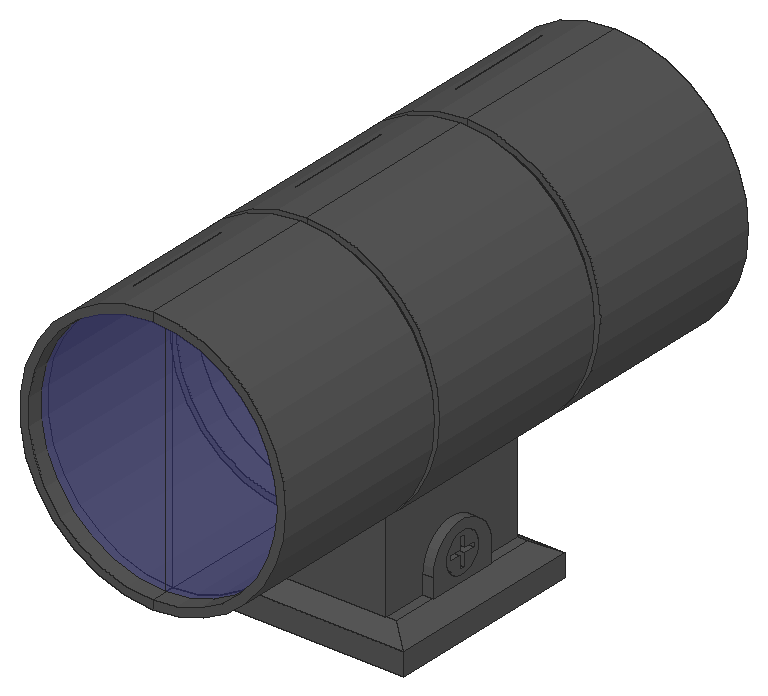
Revit family "CARLO CYLINDER LIGHT WALL MOUNT", category Lighting Fixtures, host Face, Revit 2020 (continued)
Types (10): name | Wattage_Input | Wattage Comments | Wattage | Photometric Web File | built-in parameter 1150142 | Model | built-in parameter 1150105 | Lumens | Light Length 1 | LIGHT RADIUS | LIGHT PLACEMENT | LIGHT LENGTH | LIGHT DIA | built-in parameter 1150106 | FIXED END HEIGHT | Curve base Height | Base Curve | BEAMING ANGLE | Apparent Load
    0.72062 0.75623 0.79303 0.82999 0.86783 0.90704 0.94783 0.98937 1.0354 1.0907 \r\n 1.151 1.213 1.2783 1.3468 1.4203 1.4996 1.5875 1.6865 1.7975 1.9228 \r\n 2.0609 2.2099 2.3733 2.553 2.7518 2.97 3.2164 3.4996 3.82 4.1827 \r\n 4.5814 5.017 5.4725 5.9243 6.3936 6.9022 7.4242 7.9311 8.4517 9.0191 \r\n 9.592 10.125 10.663 11.243 11.831 12.387 12.962 13.605 14.284 14.957 \r\n 15.698 16.552 17.56 18.749 20.211 21.989 24.266 27.039 30.903 35.795 \r\n 43.679 57.165 74.258 94.566 115.88 135.31 154.53 175.28 194.51 208.78 \r\n 221.02 233.14 244.68 256.73 266.51 270.28 272.06 274.99 277.92 280.73 \r\n 283.42 285.97 288.4 290.69 292.9 295.01 297.2 299.75 302.36 304.73 \r\n 307.08 309.54 312.03 314.54 316.97 319.14 321.34 323.82 326.53 329.51 \r\n 332.71 336.1 339.74 343.63 348.02 353.19 359.2 365.84 374.22 385.17 \r\n 399.27 417.1 439.42 466.98 500.36 539.93 587.09 642.22 708.76 792.06 \r\n 886.85 988.22 1100.5 1224.7 1365.9 1532.5 1715.6 1913 2113.8 2304 \r\n 2491.6 2680.3 2868.4 3061.8 3240.7 3385.6 3502.1 3587.8 3647.4 3679.6 \r\n 3699.2 3723.2 3743.5 3757.1 3766 3771.3 3772.4 3768.3 3759.9 3747.2 \r\n 3733.6 \r\n3725 3729.6 3731 3728.4 3722.8 3717 3704.5 3681.6 3642.8 3581.1 \r\n 3496.1 3383.7 3247.6 3088.3 2910.8 2717.2 2517.4 2324 2131.1 1934 \r\n 1741.5 1557.8 1392.4 1262.5 1149.7 1041.1 938.09 834.28 740.81 669.97 \r\n 611.9 560.32 516.82 481.46 452.45 428.01 408.09 392.38 379.94 369.87 \r\n 361.76 354.98 349.25 344.1 339.46 335.09 330.97 327.04 323.26 319.58 \r\n 315.97 312.32 308.82 305.75 302.78 299.56 296.46 293.83 291.42 289.09 \r\n 286.91 284.91 283.03 281.18 279.4 277.66 276 274.49 273.02 271.56 \r\n 269.91 267.67 265.33 263.75 261.42 257.8 250.82 236.72 219.95 204.8 \r\n 187.97 166.31 143.77 123.98 104.71 83.932 64.644 49.215 37.491 30.896 \r\n 27.077 24.164 22.139 20.302 18.821 17.661 16.725 15.91 15.197 14.538 \r\n 13.915 13.287 12.672 12.077 11.489 10.901 10.313 9.7191 9.1325 8.5679 \r\n 8.0147 7.4666 6.9251 6.3822 5.8603 5.3866 4.9382 4.4936 4.0761 3.7024 \r\n 3.3699 3.0863 2.8379 2.6127 2.4143 2.2465 2.0975 1.9551 1.8235 1.7023 \r\n 1.5932 1.4994 1.4156 1.3364 1.2641 1.2 1.142 1.0891 1.0391 0.98851 \r\n 0.9414 0.90247 0.86656 0.8296 0.79297 0.75659 0.72077 0.68677 0.65568 0.63124 \r\n 0.6069 0.57501 0.54269 0.51608 0.49052 0.46294 0.43471 0.40593 0.37735 0.3498 \r\n 0.32322 0.29789 0.27359 0.2504 0.22773 0.2049 0.18223 0.1593 0.13765 0.11975 \r\n 0.10245 0.082703 0.062689 0.042978 0.025347 0.011592 0.0022301 0 0.000028 0 \r\n 0.000088 0.0035566 0.010836 0.024299 0.041416 0.061165 0.081396 0.097754 0.11582 0.14191 \r\n 0.16946 0.19242 0.21559 0.2431 0.27083 0.29467 0.31872 0.34684 0.37573 0.4031 \r\n 0.42984 0.45523 0.48171 0.51271 0.54446 0.57381 0.60237 0.63024 0.65868 0.68885 \r\n 0.72106 0.75674 0.79377 0.82995 0.86688 0.9064 0.94773 0.98936 1.0353 1.0903 \r\n 1.1503 1.2121 1.2769 1.3441 1.4162 1.4951 1.5821 1.6782 1.7858 1.9079 \r\n 2.0435 2.1924 2.3551 2.5288 2.7229 2.9467 3.1986 3.4785 3.7918 4.145 \r\n 4.5342 4.9634 5.4151 5.8661 6.3369 6.8489 7.3755 7.8876 8.4139 8.9865 \r\n 9.5664 10.113 10.663 11.25 11.846 12.421 13.017 13.674 14.37 15.077 \r\n 15.85 16.71 17.725 18.942 20.45 22.302 24.651 27.499 31.355 36.09 \r\n 43.627 56.459 72.748 92.182 112.66 131.56 150.16 169.39 187.73 203.79 \r\n 218.21 231.1 242.7 253.85 262.8 267.03 269.7 273.55 277.37 280.86 \r\n 284.08 287.01 289.66 292.03 294.18 296.11 298.04 300.29 302.58 304.72 \r\n 306.87 309.13 311.47 313.92 316.35 318.56 320.81 323.35 326.1 329.06 \r\n 332.25 335.71 339.45 343.37 347.78 352.95 358.95 365.58 373.89 384.66 \r\n 398.46 415.85 437.6 464.44 497.06 535.81 582.33 636.74 703.88 791.89 \r\n 891.03 992.56 1101.6 1216.7 1349 1513.7 1696.7 1891.4 2090.4 2282.7 \r\n 2473.3 2664.8 2854.8 3047.2 3225.4 3373.2 3493.3 3581 3642.3 3676.7 \r\n 3698.5 3724.8 3746.8 3760.8 3769.3 3774 3774.3 3770 3761.5 3748.8 \r\n 3733.6 \r\n3725 3731 3734 3732 3727 3722.6 3712.9 3695 3663.2 3611.9 \r\n 3538 3435 3307.1 3155.3 2983.7 2792.8 2594.5 2403.3 2211.8 2014.6 \r\n 1820.1 1631.5 1458.1 1313.9 1187.4 1072.2 966.38 862.88 770.01 696.08 \r\n 634.1 579.6 533.42 495.45 464.01 437.4 415.61 398.4 384.75 373.72 \r\n 364.87 357.6 351.49 345.86 340.83 336.34 332.22 328.28 324.53 320.95 \r\n 317.52 314.17 311.04 308.3 305.7 302.99 300.38 298.03 295.86 293.85 \r\n 291.98 290.25 288.55 286.7 284.8 282.88 280.97 279.09 277.23 275.49 \r\n 273.58 271.12 268.59 266.77 264.44 261.46 255.37 242.11 226.28 212.41 \r\n 196.68 175.39 152.75 132.4 112.37 91.022 70.91 53.855 40.426 32.627 \r\n 27.971 24.753 22.634 20.609 18.973 17.724 16.741 15.916 15.21 14.558 \r\n 13.942 13.315 12.704 12.127 11.561 10.984 10.407 9.8394 9.2739 8.7026 \r\n 8.1385 7.5977 7.0638 6.5148 5.9843 5.5088 5.0583 4.6069 4.1782 3.7841 \r\n 3.4337 3.1495 2.9037 2.6729 2.4664 2.2888 2.1304 1.9825 1.8472 1.7231 \r\n 1.6111 1.5127 1.4238 1.34 1.264 1.1981 1.1394 1.0864 1.0369 0.98655 \r\n 0.93975 0.90073 0.86518 0.83052 0.79571 0.75755 0.71993 0.68693 0.65695 0.63122 \r\n 0.60535 0.57333 0.54123 0.51461 0.48902 0.46127 0.43315 0.40549 0.37793 0.3501 \r\n 0.32286 0.29707 0.2723 0.24864 0.22549 0.202 0.17903 0.15725 0.13642 0.11663 \r\n 0.097463 0.078604 0.059752 0.039177 0.020849 0.0086182 0.0011136 0 0.000017 0 \r\n 0.0001386 0.0065916 0.017003 0.031459 0.048807 0.068697 0.088802 0.10464 0.12231 0.1489 \r\n 0.17696 0.1996 0.22219 0.24913 0.2764 0.30014 0.32423 0.35236 0.38116 0.40804 \r\n 0.4343 0.45984 0.48623 0.51576 0.54615 0.57582 0.60505 0.63321 0.66144 0.69016 \r\n 0.72093 0.75656 0.79364 0.82893 0.86482 0.9049 0.94705 0.98895 1.0348 1.0895 \r\n 1.1489 1.2105 1.2748 1.3406 1.4111 1.4894 1.5753 1.6685 1.7726 1.8912 \r\n 2.0239 2.1722 2.3336 2.5006 2.6897 2.9189 3.1762 3.4518 3.7567 4.0991 \r\n 4.4776 4.9001 5.3475 5.7964 6.2673 6.7824 7.3136 7.8307 8.3624 8.9397 \r\n 9.526 10.085 10.647 11.24 11.843 12.435 13.05 13.717 14.425 15.162 \r\n 15.961 16.817 17.827 19.059 20.595 22.499 24.898 27.803 31.618 36.109 \r\n 43.199 55.302 70.716 89.188 108.78 127.17 145.23 163.02 180.58 198.49 \r\n 215.17 228.94 240.68 250.92 259 263.67 267.24 271.99 276.68 280.82 \r\n 284.55 287.86 290.75 293.2 295.31 297.08 298.77 300.73 302.73 304.65 \r\n 306.6 308.67 310.87 313.27 315.71 317.95 320.26 322.85 325.64 328.57 \r\n 331.76 335.29 339.1 343.05 347.48 352.63 358.59 365.19 373.39 383.9 \r\n 397.28 414.07 435.05 460.95 492.56 530.3 575.96 629.45 696.85 788.82 \r\n 891.54 992.94 1098.5 1203.7 1326.2 1488.4 1670.6 1862.2 2059.4 2253.9 \r\n 2448.2 2642.8 2835 3026.5 3204.1 3355.3 3479.8 3571 3635.4 3672.9 \r\n 3697.4 3725.6 3748.9 3763.3 3771.8 3775.9 3775.6 3771.3 3762.9 3750.3 \r\n 3733.6 \r\n3725 3732.8 3737.5 3736.2 3731.9 3728.6 3721.1 3707.4 3681.9 3640.5 \r\n 3577.4 3483.7 3364.4 3220.6 3055.5 2868.7 2673 2483.9 2293.4 2096.6 \r\n 1900.5 1707.8 1526.7 1368.3 1227.7 1105.7 996.56 893.28 801 723.84 \r\n 657.81 600.23 551.19 510.41 476.36 447.43 423.63 404.81 389.88 377.81 \r\n 368.17 360.36 353.84 347.74 342.35 337.74 333.61 329.67 325.98 322.5 \r\n 319.24 316.21 313.44 311.03 308.79 306.58 304.45 302.36 300.41 298.7 \r\n 297.11 295.63 294.07 292.21 290.19 288.11 285.95 283.73 281.51 279.47 \r\n 277.32 274.68 271.98 269.76 267.25 264.78 259.5 247.11 232.27 219.54 \r\n 204.83 184.18 161.73 140.84 120 98.139 77.297 58.78 43.751 34.611 \r\n 28.937 25.349 23.11 20.887 19.097 17.761 16.735 15.897 15.197 14.552 \r\n 13.944 13.32 12.714 12.157 11.613 11.047 10.483 9.9416 9.3978 8.8219 \r\n 8.2491 7.7151 7.1888 6.6369 6.1013 5.6238 5.1707 4.7149 4.278 3.8656 \r\n 3.4985 3.2127 2.9682 2.7321 2.5181 2.3307 2.1632 2.0103 1.8716 1.7449 \r\n 1.6302 1.5275 1.434 1.3457 1.266 1.1985 1.1391 1.0856 1.0358 0.98593 \r\n 0.93954 0.90002 0.86432 0.83167 0.79858 0.75894 0.71982 0.68783 0.65887 0.63179 \r\n 0.60432 0.57216 0.54029 0.51369 0.4881 0.46016 0.43211 0.40556 0.37903 0.35103 \r\n 0.32322 0.29694 0.27167 0.24757 0.22397 0.1998 0.17648 0.15575 0.13564 0.11413 \r\n 0.093189 0.074866 0.056882 0.035794 0.017134 0.0062279 0.00025814 0 0.000005 0 \r\n 0.00018178 0.0092355 0.022304 0.037335 0.054601 0.074579 0.094603 0.10996 0.12726 0.15431 \r\n 0.18284 0.20525 0.22731 0.25352 0.28015 0.30388 0.32806 0.35601 0.38452 0.41097 \r\n 0.43688 0.4626 0.48894 0.5171 0.54623 0.57617 0.60598 0.63428 0.66226 0.6898 \r\n 0.71937 0.75481 0.79176 0.82608 0.86093 0.90159 0.9446 0.98679 1.0326 1.0868 \r\n 1.1456 1.2067 1.2705 1.335 1.4041 1.4814 1.566 1.6565 1.7574 1.8724 \r\n 2.0018 2.149 2.3086 2.4688 2.6525 2.8861 3.1475 3.4178 3.7135 4.0447 \r\n 4.4125 4.8286 5.2716 5.7168 6.1862 6.7034 7.2385 7.7593 8.295 8.8755 \r\n 9.4667 10.036 10.609 11.204 11.811 12.417 13.046 13.717 14.431 15.189 \r\n 16.003 16.845 17.837 19.067 20.61 22.534 24.948 27.887 31.637 35.841 \r\n 42.466 53.902 68.525 86.081 104.85 122.88 140.57 157.24 174.21 193.74 \r\n 212.38 226.97 238.88 248.35 255.68 260.74 265.07 270.55 275.97 280.64 \r\n 284.79 288.42 291.52 294.06 296.15 297.8 299.3 301.01 302.77 304.5 \r\n 306.3 308.21 310.29 312.65 315.08 317.37 319.73 322.36 325.18 328.09 \r\n 331.25 334.84 338.72 342.69 347.11 352.23 358.12 364.68 372.75 382.94 \r\n 395.84 411.94 432.06 456.89 487.37 524.03 568.73 621.19 688.42 782.98 \r\n 887.94 988.7 1090.7 1186.8 1300.1 1459.1 1639.9 1828.3 2023.5 2220.2 \r\n 2418.1 2615.7 2810 3000.9 3178.3 3333.1 3462.5 3558.1 3626.9 3668.4 \r\n 3696.1 3725.7 3749.7 3764.6 3773.3 3777.1 3776.5 3772.3 3764.1 3751.7 \r\n 3733.6 \r\n3725 3735.6 3742 3742.1 3738.8 3736.2 3730 3718.5 3697.3 3664 \r\n 3610.8 3527.1 3417.4 3281.3 3123 2942.6 2751.8 2563.7 2373 2177 \r\n 1980.6 1785.1 1598.5 1428.9 1276.7 1147.7 1034 928.31 834.14 753.33 \r\n 683.45 622.88 571.04 527.2 490.21 458.65 432.59 412.02 395.69 382.52 \r\n 372.02 363.57 356.57 350.1 344.44 339.68 335.48 331.53 327.86 324.42 \r\n 321.25 318.39 315.82 313.57 311.51 309.55 307.65 305.68 303.8 302.18 \r\n 300.67 299.2 297.61 295.67 293.55 291.34 289.03 286.61 284.2 281.97 \r\n 279.67 277.02 274.31 271.92 269.37 267.37 262.73 250.93 236.72 224.7 \r\n 210.89 191.81 170.6 149.39 127.73 105.4 83.956 64.453 48.176 37.369 \r\n 30.206 26.046 23.585 21.138 19.211 17.804 16.75 15.892 15.187 14.545 \r\n 13.947 13.33 12.734 12.191 11.661 11.104 10.549 10.026 9.4982 8.9241 \r\n 8.3494 7.8172 7.2937 6.7466 6.2143 5.7335 5.2762 4.8217 4.384 3.9606 \r\n 3.5806 3.2868 3.036 2.7954 2.5767 2.3816 2.2066 2.0498 1.9084 1.7789 \r\n 1.6613 1.5555 1.4587 1.3668 1.2841 1.2153 1.1549 1.099 1.0471 0.99689 \r\n 0.95023 0.9087 0.87115 0.83868 0.80608 0.76577 0.72604 0.69452 0.66589 0.63767 \r\n 0.60889 0.57624 0.54426 0.51793 0.49267 0.46472 0.43667 0.41053 0.38441 0.35653 \r\n 0.32861 0.3018 0.27597 0.25168 0.2279 0.2031 0.17929 0.15898 0.13918 0.11678 \r\n 0.094671 0.075508 0.056988 0.036051 0.017621 0.0063502 0 0 0 0 \r\n 0.0001848 0.0095649 0.022676 0.036571 0.052706 0.072788 0.093118 0.10812 0.12512 0.1526 \r\n 0.18157 0.20392 0.22562 0.25095 0.27684 0.30082 0.32531 0.35271 0.38061 0.40702 \r\n 0.43303 0.45885 0.48509 0.51252 0.54092 0.57086 0.60072 0.62852 0.65597 0.68351 \r\n 0.71308 0.74814 0.78452 0.81806 0.85222 0.8927 0.93567 0.97768 1.0233 1.0773 \r\n 1.1356 1.1957 1.2584 1.323 1.3919 1.4678 1.5505 1.6396 1.7386 1.8505 \r\n 1.9766 2.1215 2.2785 2.434 2.6132 2.8456 3.1049 3.3677 3.6547 3.9788 \r\n 4.3405 4.7525 5.1915 5.6302 6.0938 6.6091 7.1431 7.6612 8.1942 8.7727 \r\n 9.3632 9.9356 10.51 11.098 11.697 12.304 12.931 13.591 14.29 15.039 \r\n 15.839 16.647 17.598 18.786 20.28 22.138 24.485 27.39 31.081 35.108 \r\n 41.576 53.062 67.699 84.91 103.4 121.7 139.77 156.59 173.64 193.18 \r\n 211.83 226.52 238.52 247.96 255.25 260.32 264.69 270.25 275.73 280.41 \r\n 284.57 288.25 291.4 293.96 296.06 297.71 299.19 300.84 302.54 304.28 \r\n 306.08 307.96 309.99 312.34 314.78 317.09 319.49 322.13 324.93 327.81 \r\n 330.95 334.55 338.44 342.4 346.79 351.86 357.69 364.19 372.12 382.07 \r\n 394.58 410.15 429.62 453.66 483.35 519.42 563.52 615.27 681.52 774.58 \r\n 877.71 976.6 1076.3 1169.4 1279.3 1434.9 1612.7 1798.9 1993.2 2191.2 \r\n 2390.8 2589.5 2784.6 2975.9 3154.3 3311.5 3444.4 3545.7 3620.2 3666 \r\n 3696.5 3726 3749.1 3764.5 3773.7 3777.7 3777.1 3773.1 3764.9 3752.5 \r\n 3733.6 \r\n3725 3739.4 3747.4 3749.4 3747.7 3745.4 3739.3 3728.2 3709.1 3682.1 \r\n 3637.3 3564.2 3465.1 3336.5 3185 3013.3 2829 2641.1 2448.8 2254 \r\n 2058.3 1861.8 1671.7 1494.6 1333.8 1197.9 1078.1 967.43 868.92 784.08 \r\n 710.63 647.11 592.47 545.37 505.17 470.78 442.27 419.85 402.07 387.73 \r\n 376.33 367.16 359.63 352.88 347.06 342.12 337.8 333.8 330.13 326.66 \r\n 323.48 320.62 318.06 315.8 313.72 311.75 309.82 307.79 305.82 304.1 \r\n 302.44 300.75 298.95 296.89 294.67 292.38 290.02 287.58 285.14 282.83 \r\n 280.49 277.97 275.43 273.11 270.7 269.13 264.96 253.42 239.48 227.69 \r\n 214.64 197.98 178.97 157.68 135.27 112.56 90.668 70.683 53.551 40.825 \r\n 31.778 26.865 24.082 21.392 19.347 17.884 16.812 15.925 15.2 14.558 \r\n 13.967 13.361 12.775 12.239 11.715 11.162 10.614 10.099 9.5798 9.0134 \r\n 8.4435 7.9075 7.3814 6.8462 6.3251 5.8395 5.3762 4.9283 4.4971 4.0699 \r\n 3.6811 3.3726 3.1081 2.8636 2.643 2.4421 2.2615 2.1018 1.9582 1.8256 \r\n 1.7051 1.5971 1.4984 1.4041 1.3192 1.2494 1.1875 1.1275 1.0716 1.0201 \r\n 0.97243 0.92745 0.88639 0.85215 0.81871 0.77855 0.73907 0.70744 0.6784 0.64928 \r\n 0.61951 0.58606 0.55365 0.5278 0.5032 0.47541 0.44731 0.42081 0.39442 0.36695 \r\n 0.33937 0.31205 0.28561 0.26138 0.23765 0.21232 0.18791 0.16737 0.14741 0.12497 \r\n 0.10237 0.081005 0.060542 0.04041 0.022671 0.0089684 0 0 0 0 \r\n 0.00014675 0.0075222 0.018007 0.029066 0.043029 0.063165 0.084125 0.098931 0.11574 0.14354 \r\n 0.17287 0.19532 0.21682 0.24119 0.26626 0.29075 0.31574 0.34227 0.36927 0.39602 \r\n 0.42257 0.4484 0.47451 0.50185 0.53008 0.55974 0.58912 0.61577 0.64248 0.67118 \r\n 0.70194 0.73644 0.77184 0.80478 0.8385 0.87809 0.92015 0.96142 1.0065 1.0606 \r\n 1.1188 1.1771 1.2383 1.3041 1.3742 1.448 1.5283 1.6173 1.7159 1.8253 \r\n 1.9481 2.0897 2.2433 2.3964 2.5721 2.7975 3.0483 3.3018 3.5809 3.9021 \r\n 4.2624 4.6727 5.1082 5.5381 5.992 6.5014 7.0294 7.5384 8.0623 8.6336 \r\n 9.2178 9.786 10.354 10.924 11.504 12.098 12.711 13.343 14.007 14.719 \r\n 15.474 16.231 17.118 18.229 19.622 21.331 23.532 26.336 29.976 33.95 \r\n 40.578 52.812 68.252 85.707 104.5 123.69 142.85 161.1 178.89 196.84 \r\n 213.54 227.6 239.59 249.76 257.73 262.46 266.15 271.1 275.99 280.16 \r\n 283.91 287.36 290.4 292.91 295.03 296.8 298.45 300.23 302.06 303.97 \r\n 305.93 307.89 309.97 312.33 314.77 317.11 319.51 322.11 324.86 327.72 \r\n 330.83 334.4 338.24 342.16 346.5 351.51 357.26 363.68 371.5 381.26 \r\n 393.52 408.72 427.77 451.34 480.6 516.58 560.44 611.79 676.25 763.71 \r\n 861.01 956.77 1055.5 1151.7 1264.3 1416.3 1589.7 1774.9 1969.1 2167.1 \r\n 2366.8 2564.2 2758.7 2951.5 3132 3290.3 3425.5 3533.3 3614.8 3665.2 \r\n 3698.2 3726.2 3747.1 3762.8 3773 3777.6 3777.6 3773.5 3765.3 3752.8 \r\n 3733.6 \r\n3725 3743.3 3752.8 3756.7 3756.6 3754.5 3748.2 3736.8 3719 3696.9 \r\n 3659.5 3596.5 3507.9 3386.9 3242.4 3079.8 2902.6 2714.7 2520.7 2327 \r\n 2132.4 1935.3 1742.8 1559.6 1391.4 1248.6 1122.5 1006.7 903.89 815.13 \r\n 738.13 671.33 613.54 563.15 519.83 482.68 451.81 427.57 408.37 392.89 \r\n 380.6 370.69 362.64 355.65 349.71 344.6 340.14 336.09 332.4 328.89 \r\n 325.66 322.78 320.17 317.84 315.69 313.63 311.6 309.47 307.38 305.5 \r\n 303.66 301.71 299.67 297.48 295.2 292.87 290.49 288.08 285.67 283.29 \r\n 280.92 278.53 276.16 273.87 271.53 270.25 266.42 255.1 241.39 229.67 \r\n 217.19 202.91 186.14 164.92 141.95 119.01 96.847 76.624 58.859 44.313 \r\n 33.418 27.756 24.637 21.708 19.549 18.026 16.929 16.003 15.25 14.601 \r\n 14.014 13.414 12.837 12.303 11.778 11.229 10.683 10.172 9.6579 9.1003 \r\n 8.5369 7.9951 7.4646 6.9423 6.434 5.9431 5.473 5.0327 4.6094 4.1812 \r\n 3.7854 3.4613 3.1814 2.9329 2.7109 2.5045 2.3184 2.1563 2.0108 1.8751 \r\n 1.7516 1.6418 1.5415 1.4453 1.3586 1.2878 1.2243 1.16 1.0997 1.0468 \r\n 0.99788 0.94917 0.90427 0.86767 0.83294 0.79321 0.75428 0.72236 0.69268 0.66269 \r\n 0.63204 0.59785 0.56508 0.53968 0.51568 0.48804 0.45985 0.43281 0.40599 0.379 \r\n 0.35189 0.32413 0.29714 0.27297 0.2493 0.22352 0.19856 0.17753 0.1572 0.135 \r\n 0.11214 0.088297 0.065588 0.046461 0.02959 0.013152 0.0010784 0 0 0 \r\n 0.000099 0.0049159 0.012138 0.019975 0.031479 0.051411 0.07286 0.087601 0.10434 0.13223 \r\n 0.16168 0.18428 0.20566 0.22905 0.25326 0.27826 0.30375 0.32933 0.35539 0.38252 \r\n 0.40969 0.43554 0.46157 0.489 0.51721 0.54651 0.57529 0.60073 0.6267 0
